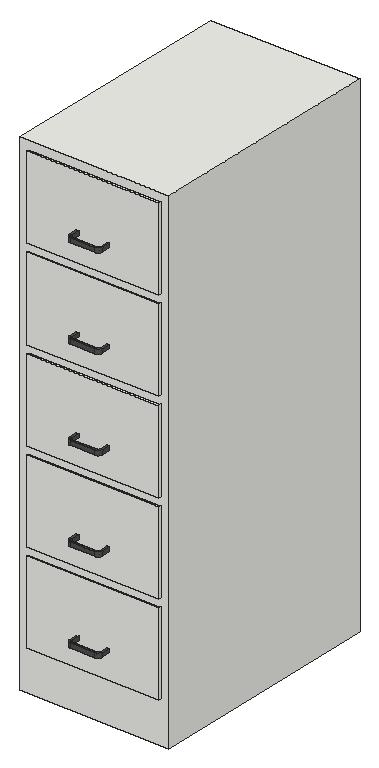
Revit family
Parameters (values of type "0457 x 0734mm")
  Cabinet Material = Metal - Paint Finish - Ivory, Glossy
  Depth = 734.00 mm
  Handle Material = Metal - Chrome
  Height = 1525.00 mm
  Width = 457.00 mm
Types (7, lengths in mm): name | Depth | Width
  (no name) | 734.00 | 457.00
  0380 x 0457mm | 457.00 | 380.00
  0380 x 0635mm | 635.00 | 380.00
  0380 x 0734mm | 734.00 | 380.00
  0457 x 0734mm | 734.00 | 457.00
  1067 x 0380mm Lat. | 380.00 | 1067.00
  1067 x 0457mm Lat. | 457.00 | 1067.00
Reference planes
  plane 1 "Center (Front/Back)": y = -142.134
  plane 2: z = 0
  plane 3 "Center (Left/Right)": x = -127.896
  plane 4: x = 100.604
  plane 5: x = -356.396
  plane 6: y = 224.866
  plane 7: y = -509.134
  plane 8: z = 1525
  plane 9: y = -515.484
Forms (mm)
  Extrusion 1, solid, material "Metal - Paint Finish - Ivory, Glossy"
    sketch origin (0, 224.866, 0) x (1, 0, 0) y (0, 0, 1)
      loop
        line (-330.996, 1499.6) -> (-330.996, 1244.6) -> (75.204, 1244.6) -> (75.204, 1499.6) -> (-330.996, 1499.6)
      loop
        line (-330.996, 1219.2) -> (-330.996, 965.2) -> (75.204, 965.2) -> (75.204, 1219.2) -> (-330.996, 1219.2)
      loop
        line (-330.996, 939.8) -> (-330.996, 685.8) -> (75.204, 685.8) -> (75.204, 939.8) -> (-330.996, 939.8)
      loop
        line (-330.996, 660.4) -> (-330.996, 406.4) -> (75.204, 406.4) -> (75.204, 660.4) -> (-330.996, 660.4)
      loop
        line (-330.996, 381) -> (-330.996, 127) -> (75.204, 127) -> (75.204, 381) -> (-330.996, 381)
    from 734 to 740.35
  Extrusion 2, solid, material "Metal - Paint Finish - Ivory, Glossy" <- "Cabinet Material"
    sketch origin (0, 0, 0) x (1, 0, 0) y (0, 1, 0)
      loop
        line (-356.396, 224.866) -> (-356.396, -509.134) -> (100.604, -509.134) -> (100.604, 224.866) -> (-356.396, 224.866)
    from 0 to 1525
  Sweep 3, solid, material "Metal - Chrome" <- "Handle Material"
    path origin (0, 0, 0) x (1, 0, 0) y (0, 1, 0)
      loop
        line (-178.696, -515.484) -> (-178.696, -540.884)
        arc (-178.696, -540.884) -> (-174.977, -549.865) -> (-165.996, -553.584) r 12.7
        line (-165.996, -553.584) -> (-89.796, -553.584)
        arc (-89.796, -553.584) -> (-80.816, -549.865) -> (-77.096, -540.884) r 12.7
        line (-77.096, -540.884) -> (-77.096, -515.484)
    profile origin (0, -528.184, 0) x (1, 0, 0) y (0, 0, 1)
      loop
        line (-178.696, 203.2) -> (-172.346, 203.2) -> (-172.346, 215.9) -> (-178.696, 215.9) -> (-178.696, 203.2)
      loop
        line (-178.696, 482.6) -> (-172.346, 482.6) -> (-172.346, 495.3) -> (-178.696, 495.3) -> (-178.696, 482.6)
      loop
        line (-178.696, 762) -> (-172.346, 762) -> (-172.346, 774.7) -> (-178.696, 774.7) -> (-178.696, 762)
      loop
        line (-178.696, 1041.4) -> (-172.346, 1041.4) -> (-172.346, 1054.1) -> (-178.696, 1054.1) -> (-178.696, 1041.4)
      loop
        line (-178.696, 1320.8) -> (-172.346, 1320.8) -> (-172.346, 1333.5) -> (-178.696, 1333.5) -> (-178.696, 1320.8)
Lines and regions (mm)
  Masking region 1
    outline origin (0, 0, 0) x (1, 0, 0) y (0, 1, 0)
      loop
        line (-356.396, 224.866) -> (-356.396, -509.134) -> (100.604, -509.134) -> (100.604, 224.866) -> (-356.396, 224.866)
  symbolic lines
    curve 1: line (-172.346, -540.884, 0) -> (-172.346, -509.134, 0)
    curve 2: line (-89.796, -547.234, 0) -> (-165.996, -547.234, 0)
    curve 3: line (-83.446, -509.134, 0) -> (-83.446, -540.884, 0)
    curve 4: arc (-89.796, -547.234, 0) -> (-85.306, -545.374, 0) -> (-83.446, -540.884, 0) r 6.35
    curve 5: arc (-172.346, -540.884, 0) -> (-170.487, -545.374, 0) -> (-165.996, -547.234, 0) r 6.35
Dimensions and locks
  equal spacing: plane 5, plane 3 "Center (Left/Right)", plane 4
  equal spacing: plane 7, plane 1 "Center (Front/Back)", plane 6
  "Width": plane 5 to plane 4
  "Depth": plane 7 to plane 6
  "Height": plane 8 to plane 2
  plane 7 to plane 9 = 6.35 mm
  aligned and locked: Extrusion 1 to plane 7
  aligned and locked: plane 9 to Extrusion 1
  aligned and locked: Extrusion 2 to plane 8
  aligned and locked: Extrusion 2 to level
  aligned and locked: plane 6 to Masking region 1 sketch curve
  aligned and locked: Masking region 1 sketch curve to plane 5
  aligned and locked: plane 4 to Masking region 1 sketch curve
  aligned and locked: Masking region 1 sketch curve to plane 7
  aligned and locked: curve 1 to Sweep 3
  aligned and locked: curve 2 to Sweep 3
  aligned and locked: curve 3 to Sweep 3
  aligned and locked: plane 7 to curve 1
  aligned and locked: plane 7 to curve 3
Automatic sketch dimensions
  Extrusion 1 sketch curve to plane 5 = 25.40 mm  (x3)
  Extrusion 1 sketch curve to Extrusion 1 sketch curve = 0.00 mm  (x3)
  plane 4 to Extrusion 1 sketch curve = 25.40 mm  (x4)
  level to Extrusion 1 sketch curve = 127.00 mm
  plane 8 to Extrusion 1 sketch curve = 25.40 mm
  Extrusion 1 sketch curve to Extrusion 1 sketch curve = 254.00 mm  (x4)
  Extrusion 1 sketch curve to Extrusion 1 sketch curve = 25.40 mm  (x4)
  Sweep 3 sketch curve to profile plane = 0.00 mm  (x5)
  Sweep 3 sketch curve to profile plane = 6.35 mm  (x5)
  level to Sweep 3 sketch curve = 203.20 mm
  Sweep 3 sketch curve to Sweep 3 sketch curve = 12.70 mm  (x6)
  Sweep 3 sketch curve to Sweep 3 sketch curve = 266.70 mm  (x4)
  Sweep 3 sketch curve to plane 9 = 0.00 mm  (x2)
  plane 9 to Sweep 3 sketch curve = 25.40 mm
  Sweep 3 sketch curve to plane 3 "Center (Left/Right)" = 50.80 mm
  Sweep 3 sketch curve to plane 3 "Center (Left/Right)" = 38.10 mm
  plane 3 "Center (Left/Right)" to Sweep 3 sketch curve = 38.10 mm
  Extrusion 2 sketch curve to plane 5 = 0.00 mm
  Extrusion 2 sketch curve to plane 4 = 0.00 mm
  Extrusion 2 sketch curve to plane 7 = 0.00 mm
  Extrusion 2 sketch curve to plane 6 = 0.00 mm
  curve 5 to curve 2 = 6.35 mm
  curve 4 to curve 3 = 6.35 mm
